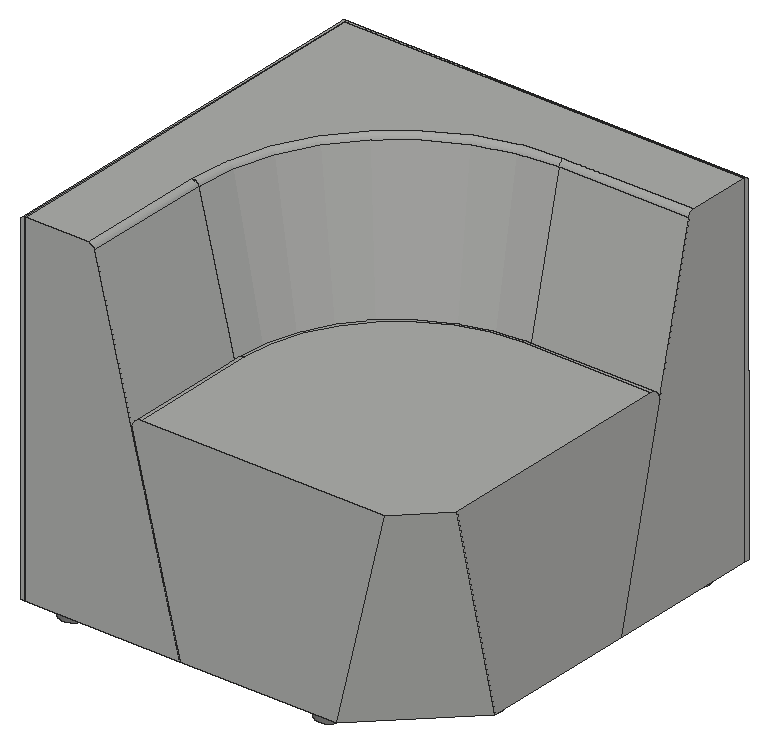
Revit family "Hive Single Corner, Full Base, No Screen", category Furniture, Revit 2020
Family settings
  OmniClass Number = 23.40.20.00
  OmniClass Title = General Furniture and Specialties
  Work Plane-Based = No
  Always vertical = Yes
  Cut with Voids When Loaded = No
  Shared = No
  Room Calculation Point = No
Parameters
  UK Secondary Seat Count = 1
  UK Primary Seat Count = 1
  Seat Upholstery [instance] = Fabric, Unspecified
  Seat Top Upholstery [instance] = Fabric, Unspecified
  Plug = Palmer Hamilton Black Plastic
  Plate = Palmer Hamilton Alum
  No Legs [instance] = not(Legs)  # yes
  Model = "SHF4E"
  Legs [instance] = no
  Leg [instance] = Palmer Hamilton - Aluminum
  Joint [instance] = Palmer Hamilton - Aluminum
  HS Seat Count = 1
  ES Seat Count = 1
  Default Elevation = 0' - 0"
  Cost = 1
  Back Upholstery [instance] = Fabric, Unspecified
  Back Top Upholstery [instance] = Fabric, Unspecified
Reference planes (in)
  plane 1 "Center Front/Back": y = 0
  plane 2: z = 0
  plane 3 "Center Left/Right": x = 0
  plane 4: z = 1.25
  plane 5: x = 29.13386
  plane 6: x = -29.13386
  plane 7: y = -29.13386
Forms (in)
  Sweep 1, solid, material "Fabric, Unspecified" <- "Back Upholstery", visible <- "Legs"
    path origin (0, 0, 0) x (1, 0, 0) y (0, 1, 0)
      loop
        line (29.12848, -8.06598) -> (19.06598, -8.06598)
        arc (19.06598, -8.06598) -> (11.28781, -11.28781) -> (8.06598, -19.06598) r 11
        line (8.06598, -19.06598) -> (8.06598, -29.13386)
    profile origin (8.06598, -24.09992, 0) x (1, 0, 0) y (0, 0, 1)
      loop
        arc (-4.59598, 27.62096) -> (-4.7733, 27.89401) -> (-5.08113, 28) r 0.5
        line (-5.08113, 28) -> (-5.08113, 9.1875) -> (0, 9.1875) -> (-4.59598, 27.62096)
  Extrusion 2, solid, material "Fabric, Unspecified" <- "Back Upholstery", visible <- "Legs"
    sketch origin (0, 0, 0) x (1, 0, 0) y (0, 1, 0)
      loop
        line (29.12848, -2.98486) -> (29.12848, 1.96162) -> (-1.96162, 1.96162) -> (-1.96162, -29.13386) -> (2.98486, -29.13386) -> (2.98486, -19.06598)
        arc (2.98486, -19.06598) -> (7.69491, -7.69491) -> (19.06598, -2.98486) r 16.08113
        line (19.06598, -2.98486) -> (29.12848, -2.98486)
    from 9.1875 to 28
  Sweep 3, solid, material "Fabric, Unspecified" <- "Seat Upholstery", visible <- "Legs"
    path origin (0, 0, 0) x (1, 0, 0) y (0, 1, 0)
      loop
        line (29.12848, -8.06598) -> (19.06598, -8.06598)
        arc (19.06598, -8.06598) -> (11.28781, -11.28781) -> (8.06598, -19.06598) r 11
        line (8.06598, -19.06598) -> (8.06598, -29.13386)
    profile origin (8.06598, -24.09992, 0) x (1, 0, 0) y (0, 0, 1)
      loop
        arc (-0.97014, 17) -> (-1.56115, 16.71175) -> (-1.69786, 16.06856) r 0.75
        line (-1.69786, 16.06856) -> (-0.0531, 9.47178)
        arc (-0.0531, 9.47178) -> (0.07989, 9.267) -> (0.31076, 9.1875) r 0.375
        line (0.31076, 9.1875) -> (0.31076, 17) -> (-0.97014, 17)
  Sweep 4, solid, material "Fabric, Unspecified" <- "Seat Upholstery", visible <- "No Legs"
    path origin (0, 0, 0) x (1, 0, 0) y (0, 1, 0)
      loop
        line (29.12848, -8.06598) -> (19.06598, -8.06598)
        arc (19.06598, -8.06598) -> (11.28781, -11.28781) -> (8.06598, -19.06598) r 11
        line (8.06598, -19.06598) -> (8.06598, -29.13386)
    profile origin (8.06598, -24.09992, 0) x (1, 0, 0) y (0, 0, 1)
      loop
        line (1.99682, 17) -> (-0.97014, 17)
        arc (-0.97014, 17) -> (-1.56115, 16.71175) -> (-1.69786, 16.06856) r 0.75
        line (-1.69786, 16.06856) -> (1.99682, 1.25) -> (1.99682, 17)
  Blend 5, solid, material "Fabric, Unspecified" <- "Seat Upholstery", visible <- "No Legs"
    base sketch origin (0, 0, 0) x (1, 0, 0) y (0, 1, 0)
      loop
        arc (19.06598, -10.06281) -> (12.69978, -12.69978) -> (10.06281, -19.06598) r 9.00318
        line (10.06281, -19.06598) -> (10.06281, -29.13386) -> (22.31439, -29.13386) -> (29.12848, -22.31976) -> (29.12848, -10.06281) -> (19.06598, -10.06281)
    top sketch origin (0, 0, 0) x (1, 0, 0) y (0, 1, 0)
      loop
        arc (19.06598, -10.06281) -> (12.69978, -12.69978) -> (10.06281, -19.06598) r 9.00318
        line (10.06281, -19.06598) -> (10.06281, -29.13386) -> (26.03672, -29.13386) -> (29.12848, -26.0421) -> (29.12848, -10.06281) -> (19.06598, -10.06281)
    from 1.25 to 17
  Sweep 6, solid, material "Fabric, Unspecified" <- "Back Upholstery", visible <- "No Legs"
    path origin (0, 0, 0) x (1, 0, 0) y (0, 1, 0)
      loop
        line (29.12848, -8.06598) -> (19.06598, -8.06598)
        arc (19.06598, -8.06598) -> (11.28781, -11.28781) -> (8.06598, -19.06598) r 11
        line (8.06598, -19.06598) -> (8.06598, -29.13386)
    profile origin (8.06598, -24.09992, 0) x (1, 0, 0) y (0, 0, 1)
      loop
        arc (-4.59598, 27.62096) -> (-4.7733, 27.89401) -> (-5.08113, 28) r 0.5
        line (-5.08113, 28) -> (-5.08113, 1.25) -> (1.97904, 1.25) -> (-4.59598, 27.62096)
  Extrusion 7, solid, material "Fabric, Unspecified" <- "Back Upholstery", visible <- "No Legs"
    sketch origin (0, 0, 0) x (1, 0, 0) y (0, 1, 0)
      loop
        line (29.12848, -2.98486) -> (29.12848, 1.96162) -> (-1.96162, 1.96162) -> (-1.96162, -29.13386) -> (2.98486, -29.13386) -> (2.98486, -19.06598)
        arc (2.98486, -19.06598) -> (7.69491, -7.69491) -> (19.06598, -2.98486) r 16.08113
        line (19.06598, -2.98486) -> (29.12848, -2.98486)
    from 1.25 to 28
  Extrusion 8, solid, material "Palmer Hamilton Black Plastic", visible <- "No Legs"
    sketch origin (0, 0, 0) x (1, 0, 0) y (0, 1, 0)
      loop
        circle (0, 0) r 1
      loop
        circle (26.84203, 0.19685) r 1
      loop
        circle (26.84203, -20.07874) r 1
      loop
        circle (19.95226, -26.9685) r 1
      loop
        circle (0, -26.89506) r 1
    from 0 to 2
  Sweep 9, solid, material "Fabric, Unspecified" <- "Back Upholstery", visible <- "Legs"
    path origin (0, 0, 0) x (1, 0, 0) y (0, 1, 0)
      loop
        line (29.13386, 1.96162) -> (-1.96162, 1.96162) -> (-1.96162, -29.13386)
    profile origin (13.58612, 1.96162, 0) x (0, -1, 0) y (0, 0, 1)
      loop
        arc (0, 28) -> (-0.26517, 27.89017) -> (-0.375, 27.625) r 0.375
        line (-0.375, 27.625) -> (-0.375, 9.1875) -> (0, 9.1875) -> (0, 28)
  Sweep 10, solid, material "Fabric, Unspecified" <- "Back Upholstery", visible <- "No Legs"
    path origin (0, 0, 0) x (1, 0, 0) y (0, 1, 0)
      loop
        line (29.13386, 1.96162) -> (-1.96162, 1.96162) -> (-1.96162, -29.13386)
    profile origin (13.58612, 1.96162, 0) x (0, -1, 0) y (0, 0, 1)
      loop
        arc (0, 28) -> (-0.26517, 27.89017) -> (-0.375, 27.625) r 0.375
        line (-0.375, 27.625) -> (-0.375, 1.25) -> (0, 1.25) -> (0, 28)
Cuts and joins
  joined: Sweep 1, Extrusion 2
  joined: Sweep 4, Blend 5
  joined: Sweep 6, Extrusion 7
Dimensions and locks (in)
  aligned and locked: level to plane 2
